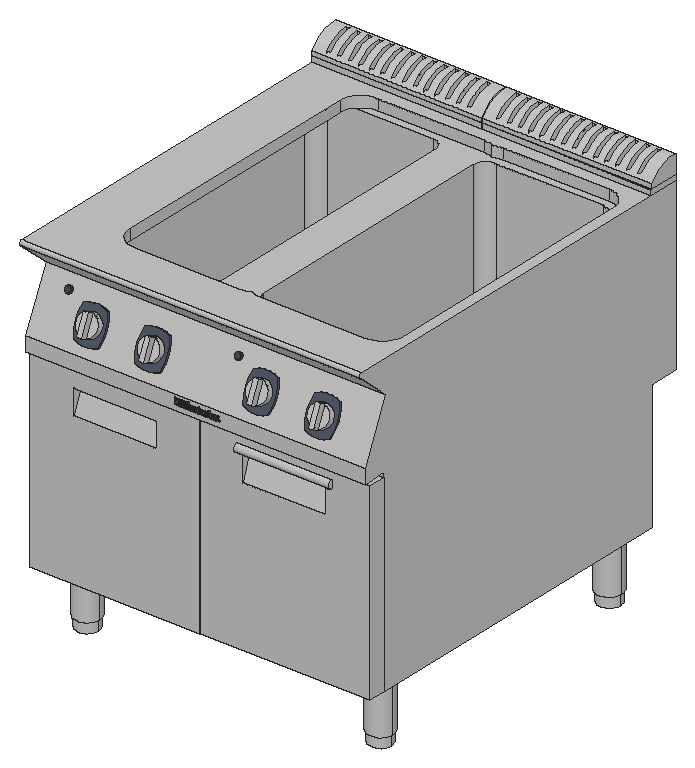
Revit family "QF_ELECTROLUXPROFESSIONAL_391411_E9OODSBAME", category Specialty Equipment, Revit 2018
Family settings
  Round Connector Dimension = Use Diameter
  Part Type = Normal
  Work Plane-Based = No
  Always vertical = Yes
  Cut with Voids When Loaded = No
  Shared = No
  Room Calculation Point = No
Parameters (values of type "Standard")
  Weight = 115.00 kg
  Watts = 0 W
  Volts = 0 V
  URL Manufacturer = "http://professional.electrolux.com"
  URL = "http://professional.electrolux.com"
  Steam Supply Size = 0"
  Steam Supply Minimum Pressure = 0.00 psi
  Steam Supply Maximum Pressure = 0.00 psi
  Steam Pounds per Hour = 0
  Show Logo [instance] = yes
  Show Clearance [instance] = yes
  Refrigeration Suction Line Size = 0 mm
  Refrigeration Liquid Line Size = 0 mm
  Refrigerant Compressor Remote = yes
  Phase = 0
  Model = "E9OODSBAME"
  Manufacturer = "Electrolux Professional"
  Length Actual = 800 mm  # constant formula
  Item Number = "391411"
  Hot Water Size = 0"
  Height Actual = 850 mm  # constant formula
  HP = "0 HP"
  Gas Size = 1/2"
  Gas KW = 33
  Gas Input Pressure = 1.10632 Btu/h
  Direct Waste Size = 1"
  Description = "GAS PASTA COOKER 2X40 LT WELLS (AUS)"
  Depth Actual = 930 mm  # constant formula
  Cycle = 0 Hz
  Condensate Return Size = 0"
  Compressed Air Volume = 0 GPM
  Compressed Air Size = 0"
  Compressed Air Pressure = 0.00 psi
  Cold Water Size = 3/4"
  Accessory = yes
Reference planes
  plane 1 "BACK": y = 0
  plane 2: z = 0
  plane 3 "LEFT": x = 0
  plane 4 "RIGHT": x = 800
  plane 5 "FRONT": y = -930
  plane 6 "TOP": z = 908
  plane 7 "Center Y": x = 400
  plane 8 "Center X": y = -465
  plane 9 "BASE": z = 601.763
  plane 10 "TOP A": z = 851
  plane 11: z = 150
  plane 12: y = -126
  plane 13: y = -800
  plane 14: y = -1288
  plane 15: x = 755
  plane 16: x = 232
  plane 17: x = 65
  plane 18: x = 737
  plane 19: x = 633
  plane 20: x = 55
  plane 21: x = 745
Forms (mm)
  Extrusion 1, solid, material "QF_Finishes_Stainless Steel"
    sketch origin (0, 0, 0) x (0, 1, 0) y (0, 0, 1)
      loop
        line (0, 851) -> (-923.65, 851)
        arc (-923.65, 851) -> (-929.517, 847.08) -> (-928.14, 840.16) r 6.35
        line (-928.14, 840.16) -> (-852.034, 773.495) -> (-912.145, 642.892) -> (-912.145, 608.853) -> (-858.773, 614.463) -> (-858.773, 150) -> (-70, 150) -> (-70, 451.763) -> (0, 451.763) -> (0, 851)
      loop
        line (-900, 601.763) -> (-900, 150) -> (-860.361, 150) -> (-860.361, 601.763) -> (-900, 601.763)
    from 0 to 800
  Extrusion 2, solid, material "QF_Clearances", visible <- "Show Clearance", detail levels coarse
    sketch origin (0, 0, 0) x (1, 0, 0) y (0, 1, 0)
      loop
        line (0, -930) -> (0, 0) -> (800, 0) -> (800, -930) -> (950.019, -930) -> (950.019, 150.019) -> (-150.019, 150.019) -> (-150.019, -930) -> (0, -930)
    from 0 to 908
  Extrusion 3, solid, material "QF_Door-Drawer Clearances", visible <- "Show Clearance", detail levels coarse
    sketch origin (400, 0, 851) x (1, 0, 0) y (0, 1, 0)
      loop
        arc (-400, -1288) -> (-124.279, -1172.327) -> (-0.826, -900) r 409.234
        line (-0.826, -900) -> (-400, -900) -> (-400, -1288)
    from -701 to -249.237
  Extrusion 4, solid, material "QF_Door-Drawer Clearances", visible <- "Show Clearance", detail levels coarse
    sketch origin (400, 0, 851) x (-1, 0, 0) y (0, -1, 0)
      loop
        line (-400, 1288) -> (-400, 900) -> (-0.826, 900)
        arc (-0.826, 900) -> (-124.279, 1172.327) -> (-400, 1288) r 409.234
    from -701 to -249.237
  Extrusion 5, solid, material "QF_Finishes_Navy Blue", visible <- "Show Logo"
    sketch origin (201.175, -912.145, 608.853) x (0, 0, 1) y (-1, 0, 0)
      loop
        line (27.359, -159.055) -> (14.993, -159.055)
        arc (14.993, -159.055) -> (21.176, -163.626) -> (27.359, -159.055) r 6.467
      loop
        arc (27.359, -158.426) -> (26.19, -153.283) -> (21.534, -150.805) r 6.338
        line (21.534, -150.805) -> (21.534, -152.851)
        arc (21.534, -152.851) -> (23.018, -156.506) -> (26.464, -158.426) r 5.941
        line (26.464, -158.426) -> (27.359, -158.426)
      loop
        arc (15.888, -158.426) -> (19.334, -156.506) -> (20.817, -152.851) r 5.941
        line (20.817, -152.851) -> (20.817, -150.805)
        arc (20.817, -150.805) -> (16.123, -153.279) -> (14.834, -158.426) r 6.504
        line (14.834, -158.426) -> (15.888, -158.426)
      loop
        line (28.034, -150.336) -> (14.29, -150.336) -> (14.29, -164.099) -> (28.034, -164.099) -> (28.034, -150.336)
      loop
        arc (28.118, -167.066) -> (27.77, -166.709) -> (27.403, -167.047) r 0.358
        arc (27.403, -167.047) -> (27.089, -167.797) -> (26.372, -168.182) r 1.216
        line (26.372, -168.182) -> (15.959, -168.182)
        arc (15.959, -168.182) -> (15.299, -167.904) -> (14.903, -167.308) r 1.238
        arc (14.903, -167.308) -> (14.509, -167.057) -> (14.203, -167.411) r 0.358
        line (14.203, -167.411) -> (14.203, -177.29) -> (16.954, -177.29) -> (16.954, -176.393)
        arc (16.954, -176.393) -> (16.045, -175.813) -> (15.589, -174.836) r 1.928
        line (15.589, -174.836) -> (15.589, -172.337)
        arc (15.589, -172.337) -> (15.865, -171.608) -> (16.553, -171.244) r 1.101
        line (16.553, -171.244) -> (20.64, -171.244) -> (20.64, -174.917)
        arc (20.64, -174.917) -> (20.287, -175.414) -> (19.722, -175.642) r 1.083
        arc (19.722, -175.642) -> (19.459, -175.948) -> (19.751, -176.226) r 0.292
        line (19.751, -176.226) -> (22.713, -176.226)
        arc (22.713, -176.226) -> (23.016, -175.953) -> (22.777, -175.623) r 0.305
        arc (22.777, -175.623) -> (22.286, -175.375) -> (21.981, -174.917) r 1.083
        line (21.981, -174.917) -> (21.981, -171.244) -> (26.659, -171.244) -> (26.659, -174.991)
        arc (26.659, -174.991) -> (26.444, -175.747) -> (25.838, -176.245) r 1.314
        arc (25.838, -176.245) -> (25.619, -176.649) -> (25.973, -176.941) r 0.361
        line (25.973, -176.941) -> (28.118, -176.941) -> (28.118, -167.066)
      loop
        arc (27.4, -177.722) -> (27.02, -178.641) -> (26.101, -179.021) r 1.299
        line (26.101, -179.021) -> (16.522, -179.021)
        arc (16.522, -179.021) -> (15.684, -178.643) -> (15.413, -177.765) r 1.118
        line (15.413, -177.765) -> (14.203, -177.765) -> (14.203, -183.115) -> (15.391, -183.115)
        arc (15.391, -183.115) -> (15.663, -182.198) -> (16.533, -181.802) r 1.153
        line (16.533, -181.802) -> (28.605, -181.802) -> (27.4, -177.722)
      loop
        line (19.168, -185.751) -> (19.168, -192.198) -> (19.967, -192.198)
        arc (19.967, -192.198) -> (22.547, -191.214) -> (23.816, -188.76) r 3.874
        line (23.816, -188.76) -> (23.816, -187)
        arc (23.816, -187) -> (22.629, -184.135) -> (19.765, -182.949) r 4.051
        line (19.765, -182.949) -> (17.757, -182.949)
        arc (17.757, -182.949) -> (14.938, -184.434) -> (13.887, -187.441) r 4.352
        arc (13.887, -187.441) -> (14.251, -189.904) -> (15.629, -191.978) r 5.713
        line (15.629, -191.978) -> (16.578, -191.978)
        arc (16.578, -191.978) -> (15.845, -190.409) -> (15.629, -188.691) r 5.579
        arc (15.629, -188.691) -> (16.422, -186.728) -> (18.301, -185.751) r 3.057
        line (18.301, -185.751) -> (19.168, -185.751)
      loop
        line (20.427, -185.751) -> (20.427, -189.333)
        arc (20.427, -189.333) -> (21.884, -189.38) -> (22.767, -188.221) r 1.59
        line (22.767, -188.221) -> (22.767, -187.391)
        arc (22.767, -187.391) -> (21.902, -186.136) -> (20.427, -185.751) r 2.184
      loop
        arc (23.218, -201.616) -> (23.707, -199.942) -> (23.864, -198.205) r 9.023
        line (23.864, -198.205) -> (23.864, -196.843)
        arc (23.864, -196.843) -> (22.705, -194.043) -> (19.905, -192.883) r 3.959
        line (19.905, -192.883) -> (17.305, -192.883)
        arc (17.305, -192.883) -> (15.023, -194.176) -> (13.906, -196.549) r 4.331
        line (13.906, -196.549) -> (13.906, -198.684)
        arc (13.906, -198.684) -> (14.414, -200.234) -> (15.336, -201.58) r 5.772
        arc (15.336, -201.58) -> (16.098, -201.631) -> (16.184, -200.872) r 0.553
        arc (16.184, -200.872) -> (15.796, -200.138) -> (15.662, -199.319) r 2.573
        line (15.662, -199.319) -> (15.662, -197.804)
        arc (15.662, -197.804) -> (16.668, -196.162) -> (18.483, -195.52) r 2.884
        line (18.483, -195.52) -> (19.762, -195.52)
        arc (19.762, -195.52) -> (21.583, -196.08) -> (22.509, -197.745) r 2.554
        line (22.509, -197.745) -> (22.509, -198.798)
        arc (22.509, -198.798) -> (22.178, -199.726) -> (21.521, -200.461) r 2.564
        arc (21.521, -200.461) -> (21.299, -201.178) -> (21.909, -201.616) r 0.643
        line (21.909, -201.616) -> (23.218, -201.616)
      loop
        line (22.2, -201.886) -> (22.2, -203.387) -> (16.152, -203.387)
        arc (16.152, -203.387) -> (14.564, -204.045) -> (13.906, -205.633) r 2.246
        line (13.906, -205.633) -> (13.906, -207.217)
        arc (13.906, -207.217) -> (14.22, -208.081) -> (14.72, -208.853) r 4.06
        arc (14.72, -208.853) -> (15.453, -208.986) -> (15.704, -208.285) r 0.576
        arc (15.704, -208.285) -> (15.598, -207.759) -> (15.662, -207.227) r 1.69
        arc (15.662, -207.227) -> (16.204, -206.439) -> (17.11, -206.136) r 1.506
        line (17.11, -206.136) -> (22.248, -206.136) -> (22.248, -208.533) -> (22.805, -209.089) -> (23.626, -209.089) -> (23.626, -206.23) -> (26.857, -206.23) -> (22.2, -201.886)
      loop
        line (14.124, -209.987) -> (14.124, -215.374) -> (15.234, -215.374)
        arc (15.234, -215.374) -> (15.627, -214.423) -> (16.578, -214.029) r 1.345
        line (16.578, -214.029) -> (20.195, -214.029)
        arc (20.195, -214.029) -> (20.959, -214.621) -> (21.249, -215.543) r 1.615
        line (21.249, -215.543) -> (21.249, -217.099) -> (23.805, -217.784) -> (23.805, -216.401) -> (21.862, -213.842) -> (23.742, -213.842) -> (23.458, -211.136)
        arc (23.458, -211.136) -> (23.018, -210.606) -> (22.359, -210.807) r 0.621
        arc (22.359, -210.807) -> (21.959, -211.149) -> (21.465, -211.332) r 1.501
        line (21.465, -211.332) -> (16.578, -211.332)
        arc (16.578, -211.332) -> (15.627, -210.938) -> (15.234, -209.987) r 1.345
        line (15.234, -209.987) -> (14.124, -209.987)
      loop
        line (20.225, -217.321) -> (17.533, -217.321)
        arc (17.533, -217.321) -> (15.088, -218.629) -> (13.954, -221.159) r 4.288
        arc (13.954, -221.159) -> (13.89, -222.54) -> (13.954, -223.92) r 15.022
        arc (13.954, -223.92) -> (15.088, -226.451) -> (17.533, -227.758) r 4.288
        line (17.533, -227.758) -> (20.225, -227.758)
        arc (20.225, -227.758) -> (22.671, -226.451) -> (23.805, -223.92) r 4.288
        arc (23.805, -223.92) -> (23.868, -222.54) -> (23.805, -221.159) r 15.022
        arc (23.805, -221.159) -> (22.671, -218.629) -> (20.225, -217.321) r 4.288
      loop
        line (20.43, -220.435) -> (17.328, -220.435)
        arc (17.328, -220.435) -> (15.171, -222.592) -> (17.328, -224.749) r 2.157
        line (17.328, -224.749) -> (20.43, -224.749)
        arc (20.43, -224.749) -> (22.587, -222.592) -> (20.43, -220.435) r 2.157
      loop
        arc (27.411, -227.616) -> (27.041, -228.51) -> (26.147, -228.881) r 1.264
        line (26.147, -228.881) -> (16.282, -228.881)
        arc (16.282, -228.881) -> (15.412, -228.484) -> (15.141, -227.568) r 1.153
        line (15.141, -227.568) -> (14.203, -227.568) -> (14.203, -232.676) -> (15.131, -232.676)
        arc (15.131, -232.676) -> (15.49, -231.904) -> (16.282, -231.589) r 1.153
        line (16.282, -231.589) -> (28.605, -231.589) -> (27.411, -227.616)
      loop
        arc (22.531, -232.213) -> (22.332, -233.278) -> (21.363, -233.76) r 1.215
        line (21.363, -233.76) -> (16.343, -233.76)
        arc (16.343, -233.76) -> (14.728, -234.407) -> (14.008, -235.99) r 2.338
        line (14.008, -235.99) -> (14.008, -237.505)
        arc (14.008, -237.505) -> (14.182, -238.509) -> (14.684, -239.395) r 2.979
        line (14.684, -239.395) -> (14.203, -241.192) -> (14.203, -242.88) -> (23.629, -242.88) -> (23.335, -238.677) -> (22.548, -238.677)
        arc (22.548, -238.677) -> (22.192, -239.513) -> (21.44, -240.022) r 1.605
        line (21.44, -240.022) -> (16.337, -240.022)
        arc (16.337, -240.022) -> (15.917, -239.085) -> (15.844, -238.061) r 2.94
        arc (15.844, -238.061) -> (16.405, -236.96) -> (17.558, -236.517) r 1.724
        line (17.558, -236.517) -> (23.755, -236.517) -> (22.531, -232.213)
      loop
        line (23.559, -243.734) -> (21.887, -245.78) -> (18.713, -248.086) -> (15.257, -244.974)
        arc (15.257, -244.974) -> (15.02, -244.58) -> (15.042, -244.121) r 0.789
        line (15.042, -244.121) -> (14.203, -244.121) -> (14.203, -247.666) -> (15.029, -247.666)
        arc (15.029, -247.666) -> (15.372, -247.304) -> (15.862, -247.396) r 0.52
        line (15.862, -247.396) -> (17.661, -248.867) -> (15.543, -250.242)
        arc (15.543, -250.242) -> (15.142, -249.932) -> (15.055, -249.433) r 0.7
        line (15.055, -249.433) -> (14.203, -249.433) -> (14.203, -255.36) -> (15.09, -255.36)
        arc (15.09, -255.36) -> (15.157, -254.701) -> (15.552, -254.17) r 1.247
        line (15.552, -254.17) -> (19.751, -250.889) -> (22.198, -252.942) -> (23.559, -254.684) -> (23.559, -250.96) -> (22.074, -251.383) -> (20.553, -250.106) -> (22.253, -248.916) -> (23.559, -249.692) -> (23.559, -243.734)
    from 0 to 1.644
  Extrusion 6, solid, material "QF_Finishes_Stainless Steel"
    sketch origin (200, 0, 0) x (0, 1, 0) y (0, 0, 1)
      loop
        line (-71.89, 863.9) -> (-71.89, 851) -> (0, 851) -> (0, 863.9) -> (-71.89, 863.9)
    from -200 to 200
  Extrusion 7, solid, material "QF_Finishes_Stainless Steel"
    sketch origin (0, 0, 574.263) x (0, 1, 0) y (0, 0, 1)
      loop
        line (0, 289.638) -> (0, 333.737)
        arc (0, 333.737) -> (-39.336, 326.03) -> (-69.85, 300.038) r 79.141
        line (-69.85, 300.038) -> (-69.85, 289.638) -> (0, 289.638)
    from 0 to 400
  Extrusion 8, void
    sketch origin (0, 0, 848.9) x (0, -1, 0) y (1, 0, 0)
      loop
        line (6.761, 29.703) -> (63.911, 29.703) -> (63.911, 38.999) -> (6.761, 38.999) -> (6.761, 29.703)
      loop
        line (63.911, 64.487) -> (6.761, 64.487) -> (6.761, 55.191) -> (63.911, 55.191) -> (63.911, 64.487)
      loop
        line (63.911, 89.975) -> (6.761, 89.975) -> (6.761, 80.68) -> (63.911, 80.68) -> (63.911, 89.975)
      loop
        line (63.911, 115.464) -> (6.761, 115.464) -> (6.761, 106.168) -> (63.911, 106.168) -> (63.911, 115.464)
      loop
        line (63.911, 140.952) -> (6.761, 140.952) -> (6.761, 131.656) -> (63.911, 131.656) -> (63.911, 140.952)
      loop
        line (63.911, 166.44) -> (6.761, 166.44) -> (6.761, 157.145) -> (63.911, 157.145) -> (63.911, 166.44)
      loop
        line (63.911, 191.929) -> (6.761, 191.929) -> (6.761, 182.633) -> (63.911, 182.633) -> (63.911, 191.929)
      loop
        line (63.911, 217.417) -> (6.761, 217.417) -> (6.761, 208.121) -> (63.911, 208.121) -> (63.911, 217.417)
      loop
        line (63.911, 242.905) -> (6.761, 242.905) -> (6.761, 233.61) -> (63.911, 233.61) -> (63.911, 242.905)
      loop
        line (63.911, 268.394) -> (6.761, 268.394) -> (6.761, 259.098) -> (63.911, 259.098) -> (63.911, 268.394)
      loop
        line (63.911, 293.882) -> (6.761, 293.882) -> (6.761, 284.586) -> (63.911, 284.586) -> (63.911, 293.882)
      loop
        line (63.911, 319.37) -> (6.761, 319.37) -> (6.761, 310.075) -> (63.911, 310.075) -> (63.911, 319.37)
      loop
        line (63.911, 344.859) -> (6.761, 344.859) -> (6.761, 335.563) -> (63.911, 335.563) -> (63.911, 344.859)
      loop
        line (63.911, 370.347) -> (6.761, 370.347) -> (6.761, 361.051) -> (63.911, 361.051) -> (63.911, 370.347)
    from 25.4 to 63.5
  Extrusion 9, solid, material "QF_Finishes_Stainless Steel"
    sketch origin (600, 0, 0) x (0, 1, 0) y (0, 0, -1)
      loop
        line (-71.89, -863.9) -> (0, -863.9) -> (0, -851) -> (-71.89, -851) -> (-71.89, -863.9)
    from -200 to 200
  Extrusion 10, solid, material "QF_Finishes_Stainless Steel"
    sketch origin (800, 0, 574.263) x (0, 1, 0) y (0, 0, -1)
      loop
        line (0, -289.638) -> (-69.85, -289.638) -> (-69.85, -300.038)
        arc (-69.85, -300.038) -> (-39.336, -326.03) -> (0, -333.737) r 79.141
        line (0, -333.737) -> (0, -289.638)
    from 0 to 400
  Extrusion 11, void
    sketch origin (800, 0, 848.9) x (0, -1, 0) y (1, 0, 0)
      loop
        line (6.761, -29.703) -> (6.761, -38.999) -> (63.911, -38.999) -> (63.911, -29.703) -> (6.761, -29.703)
      loop
        line (63.911, -64.487) -> (63.911, -55.191) -> (6.761, -55.191) -> (6.761, -64.487) -> (63.911, -64.487)
      loop
        line (63.911, -89.975) -> (63.911, -80.68) -> (6.761, -80.68) -> (6.761, -89.975) -> (63.911, -89.975)
      loop
        line (63.911, -115.464) -> (63.911, -106.168) -> (6.761, -106.168) -> (6.761, -115.464) -> (63.911, -115.464)
      loop
        line (63.911, -140.952) -> (63.911, -131.656) -> (6.761, -131.656) -> (6.761, -140.952) -> (63.911, -140.952)
      loop
        line (63.911, -166.44) -> (63.911, -157.145) -> (6.761, -157.145) -> (6.761, -166.44) -> (63.911, -166.44)
      loop
        line (63.911, -191.929) -> (63.911, -182.633) -> (6.761, -182.633) -> (6.761, -191.929) -> (63.911, -191.929)
      loop
        line (63.911, -217.417) -> (63.911, -208.121) -> (6.761, -208.121) -> (6.761, -217.417) -> (63.911, -217.417)
      loop
        line (63.911, -242.905) -> (63.911, -233.61) -> (6.761, -233.61) -> (6.761, -242.905) -> (63.911, -242.905)
      loop
        line (63.911, -268.394) -> (63.911, -259.098) -> (6.761, -259.098) -> (6.761, -268.394) -> (63.911, -268.394)
      loop
        line (63.911, -293.882) -> (63.911, -284.586) -> (6.761, -284.586) -> (6.761, -293.882) -> (63.911, -293.882)
      loop
        line (63.911, -319.37) -> (63.911, -310.075) -> (6.761, -310.075) -> (6.761, -319.37) -> (63.911, -319.37)
      loop
        line (63.911, -344.859) -> (63.911, -335.563) -> (6.761, -335.563) -> (6.761, -344.859) -> (63.911, -344.859)
      loop
        line (63.911, -370.347) -> (63.911, -361.051) -> (6.761, -361.051) -> (6.761, -370.347) -> (63.911, -370.347)
    from 25.4 to 63.5
  Extrusion 12, void
    sketch origin (0, -900, 601.763) x (0, 0, -1) y (1, 0, 0)
      loop
        line (451.762, 400.912) -> (0, 400.912) -> (0, 399.088) -> (451.762, 399.088) -> (451.762, 400.912)
    from 0 to -39.639
  Extrusion 13, void
    sketch origin (200, -14.239, 0) x (0, 1, 0) y (0, 0, 1)
      loop
        line (-885.761, 564.263) -> (-885.761, 504.332) -> (-863.948, 564.263) -> (-885.761, 564.263)
    from -96.424 to 99.144
  Extrusion 14, void
    sketch origin (600, -14.239, 0) x (0, 1, 0) y (0, 0, -1)
      loop
        line (-885.761, -564.263) -> (-863.948, -564.263) -> (-885.761, -504.332) -> (-885.761, -564.263)
    from -96.424 to 99.144
  Extrusion 15, solid, material "QF_Finishes_Stainless Steel"
    sketch origin (600, -14.239, 22.5) x (0, 1, 0) y (0, 0, -1)
      loop
        arc (-885.761, -541.858) -> (-895.666, -551.763) -> (-885.761, -561.667) r 9.905
        line (-885.761, -561.667) -> (-885.761, -541.858)
    from -110.529 to 112.106
  Extrusion 16, void
    sketch origin (0, 0, 791) x (1, 0, 0) y (0, 1, 0)
      loop
        line (75, -800) -> (325, -800)
        arc (325, -800) -> (346.213, -791.213) -> (355, -770) r 30
        line (355, -770) -> (355, -606.643)
        arc (355, -606.643) -> (346.213, -627.856) -> (325, -636.643) r 30
        line (325, -636.643) -> (75, -636.643)
        arc (75, -636.643) -> (53.787, -627.856) -> (45, -606.643) r 30
        line (45, -606.643) -> (45, -770)
        arc (45, -770) -> (53.787, -791.213) -> (75, -800) r 30
    from 35 to -189.237
  Extrusion 17, void
    sketch origin (0, 0, 791) x (0, 1, 0) y (-1, 0, 0)
      loop
        arc (-121.89, -75) -> (-130.677, -53.787) -> (-151.89, -45) r 30
        line (-151.89, -45) -> (-606.643, -45)
        arc (-606.643, -45) -> (-627.856, -53.787) -> (-636.643, -75) r 30
        line (-636.643, -75) -> (-636.643, -325)
        arc (-636.643, -325) -> (-627.856, -346.213) -> (-606.643, -355) r 30
        line (-606.643, -355) -> (-151.89, -355)
        arc (-151.89, -355) -> (-130.677, -346.213) -> (-121.89, -325) r 30
        line (-121.89, -325) -> (-121.89, -75)
    from 35 to -339.237
  Extrusion 18, void
    sketch origin (800, 0, 851) x (1, 0, 0) y (0, 1, 0)
      loop
        line (-75, -101.89) -> (-325, -101.89)
        arc (-325, -101.89) -> (-360.355, -116.535) -> (-375, -151.89) r 50
        line (-375, -151.89) -> (-375, -770)
        arc (-375, -770) -> (-360.355, -805.355) -> (-325, -820) r 50
        line (-325, -820) -> (-75, -820)
        arc (-75, -820) -> (-39.645, -805.355) -> (-25, -770) r 50
        line (-25, -770) -> (-25, -151.89)
        arc (-25, -151.89) -> (-39.645, -116.535) -> (-75, -101.89) r 50
    from 0 to -25
  Extrusion 19, void
    sketch origin (800, 0, 791) x (-1, 0, 0) y (0, -1, 0)
      loop
        arc (75, 800) -> (53.787, 791.213) -> (45, 770) r 30
        line (45, 770) -> (45, 606.643)
        arc (45, 606.643) -> (53.787, 627.856) -> (75, 636.643) r 30
        line (75, 636.643) -> (325, 636.643)
        arc (325, 636.643) -> (346.213, 627.856) -> (355, 606.643) r 30
        line (355, 606.643) -> (355, 770)
        arc (355, 770) -> (346.213, 791.213) -> (325, 800) r 30
        line (325, 800) -> (75, 800)
    from 35 to -189.237
  Extrusion 20, void
    sketch origin (800, 0, 791) x (0, -1, 0) y (1, 0, 0)
      loop
        line (121.89, -75) -> (121.89, -325)
        arc (121.89, -325) -> (130.677, -346.213) -> (151.89, -355) r 30
        line (151.89, -355) -> (606.643, -355)
        arc (606.643, -355) -> (627.856, -346.213) -> (636.643, -325) r 30
        line (636.643, -325) -> (636.643, -75)
        arc (636.643, -75) -> (627.856, -53.787) -> (606.643, -45) r 30
        line (606.643, -45) -> (151.89, -45)
        arc (151.89, -45) -> (130.677, -53.787) -> (121.89, -75) r 30
    from 35 to -339.237
  Extrusion 21, solid, material "QF_Finishes_Navy Blue"
    sketch origin (-405.52, -913.486, 639.979) x (0, 0.418102, 0.9084) y (-1, 0, 0)
      loop
        arc (102.623, -510.47) -> (67.041, -502.846) -> (31.333, -509.853) r 90.5
        arc (31.333, -509.853) -> (24.507, -539.04) -> (31.333, -568.228) r 65.817
        arc (31.333, -568.228) -> (67.04, -575.188) -> (102.623, -567.615) r 91.066
        arc (102.623, -567.615) -> (109.179, -539.043) -> (102.623, -510.47) r 65.546
    from 0 to 3.175
  Extrusion 22, solid, material "QF_Finishes_Stainless Steel"
    sketch origin (-26.77, -917.2, 639.505) x (0, 0.418102, 0.9084) y (-1, 0, 0)
      loop
        circle (68.826, -160.963) r 25.4
    from 0 to 12.7
  Extrusion 23, solid, material "QF_Finishes_Stainless Steel"
    sketch origin (-26.77, -928.736, 644.814) x (0, 0.418102, 0.9084) y (-1, 0, 0)
      loop
        arc (93.558, -166.749) -> (94.226, -160.963) -> (93.558, -155.177) r 25.4
        line (93.558, -155.177) -> (44.094, -155.177)
        arc (44.094, -155.177) -> (43.426, -160.963) -> (44.094, -166.749) r 25.4
        line (44.094, -166.749) -> (93.558, -166.749)
    from 0 to 12.7
  Extrusion 24, solid, material "QF_Finishes_Navy Blue"
    sketch origin (-260.52, -913.486, 639.979) x (0, 0.418102, 0.9084) y (-1, 0, 0)
      loop
        arc (102.623, -510.47) -> (67.041, -502.846) -> (31.333, -509.853) r 90.5
        arc (31.333, -509.853) -> (24.507, -539.04) -> (31.333, -568.228) r 65.817
        arc (31.333, -568.228) -> (67.04, -575.188) -> (102.623, -567.615) r 91.066
        arc (102.623, -567.615) -> (109.179, -539.043) -> (102.623, -510.47) r 65.546
    from 0 to 3.175
  Extrusion 25, solid, material "QF_Finishes_Stainless Steel"
    sketch origin (118.23, -917.2, 639.505) x (0, 0.418102, 0.9084) y (-1, 0, 0)
      loop
        circle (68.826, -160.963) r 25.4
    from 0 to 12.7
  Extrusion 26, solid, material "QF_Finishes_Stainless Steel"
    sketch origin (118.23, -928.736, 644.814) x (0, 0.418102, 0.9084) y (-1, 0, 0)
      loop
        arc (93.558, -166.749) -> (94.226, -160.963) -> (93.558, -155.177) r 25.4
        line (93.558, -155.177) -> (44.094, -155.177)
        arc (44.094, -155.177) -> (43.426, -160.963) -> (44.094, -166.749) r 25.4
        line (44.094, -166.749) -> (93.558, -166.749)
    from 0 to 12.7
  Extrusion 27, solid, material "QF_Finishes_Black"
    sketch origin (-36.317, -915, 636.69) x (0, 0.418102, 0.9084) y (-1, 0, 0)
      loop
        circle (117.556, -101.317) r 7.5
    from 0 to 4
  Extrusion 28, solid, material "QF_Finishes_Navy Blue"
    sketch origin (-5.52, -913.486, 639.979) x (0, 0.418102, 0.9084) y (-1, 0, 0)
      loop
        arc (102.623, -510.47) -> (67.041, -502.846) -> (31.333, -509.853) r 90.5
        arc (31.333, -509.853) -> (24.507, -539.04) -> (31.333, -568.228) r 65.817
        arc (31.333, -568.228) -> (67.04, -575.188) -> (102.623, -567.615) r 91.066
        arc (102.623, -567.615) -> (109.179, -539.043) -> (102.623, -510.47) r 65.546
    from 0 to 3.175
  Extrusion 29, solid, material "QF_Finishes_Stainless Steel"
    sketch origin (373.23, -917.2, 639.505) x (0, 0.418102, 0.9084) y (-1, 0, 0)
      loop
        circle (68.826, -160.963) r 25.4
    from 0 to 12.7
  Extrusion 30, solid, material "QF_Finishes_Stainless Steel"
    sketch origin (373.23, -928.736, 644.814) x (0, 0.418102, 0.9084) y (-1, 0, 0)
      loop
        arc (93.558, -166.749) -> (94.226, -160.963) -> (93.558, -155.177) r 25.4
        line (93.558, -155.177) -> (44.094, -155.177)
        arc (44.094, -155.177) -> (43.426, -160.963) -> (44.094, -166.749) r 25.4
        line (44.094, -166.749) -> (93.558, -166.749)
    from 0 to 12.7
  Extrusion 31, solid, material "QF_Finishes_Navy Blue"
    sketch origin (139.48, -913.486, 639.979) x (0, 0.418102, 0.9084) y (-1, 0, 0)
      loop
        arc (102.623, -510.47) -> (67.041, -502.846) -> (31.333, -509.853) r 90.5
        arc (31.333, -509.853) -> (24.507, -539.04) -> (31.333, -568.228) r 65.817
        arc (31.333, -568.228) -> (67.04, -575.188) -> (102.623, -567.615) r 91.066
        arc (102.623, -567.615) -> (109.179, -539.043) -> (102.623, -510.47) r 65.546
    from 0 to 3.175
  Extrusion 32, solid, material "QF_Finishes_Stainless Steel"
    sketch origin (518.23, -917.2, 639.505) x (0, 0.418102, 0.9084) y (-1, 0, 0)
      loop
        circle (68.826, -160.963) r 25.4
    from 0 to 12.7
  Extrusion 33, solid, material "QF_Finishes_Stainless Steel"
    sketch origin (518.23, -928.736, 644.814) x (0, 0.418102, 0.9084) y (-1, 0, 0)
      loop
        arc (93.558, -166.749) -> (94.226, -160.963) -> (93.558, -155.177) r 25.4
        line (93.558, -155.177) -> (44.094, -155.177)
        arc (44.094, -155.177) -> (43.426, -160.963) -> (44.094, -166.749) r 25.4
        line (44.094, -166.749) -> (93.558, -166.749)
    from 0 to 12.7
  Extrusion 34, solid, material "QF_Finishes_Black"
    sketch origin (363.683, -915, 636.69) x (0, 0.418102, 0.9084) y (-1, 0, 0)
      loop
        circle (117.556, -101.317) r 7.5
    from 0 to 4
  Extrusion 35, solid, material "QF_Finishes_Stainless Steel"
    sketch origin (0, 0, 0) x (1, 0, 0) y (0, 1, 0)
      loop
        circle (232, -780) r 12.7
    from 176 to 292.788
  Extrusion 36, solid, material "QF_Finishes_Stainless Steel"
    sketch origin (-72.372, 89.372, 0) x (1, 0, 0) y (0, 1, 0)
      loop
        circle (137.372, -792.372) r 6.35
    from 190 to 292.788
  Extrusion 37, solid, material "QF_Finishes_Stainless Steel"
    sketch origin (552.628, 92.372, 0) x (1, 0, 0) y (0, 1, 0)
      loop
        circle (184.372, -792.372) r 9.525
    from 200 to 331.575
  Extrusion 38, solid, material "QF_Finishes_Stainless Steel"
    sketch origin (800, 0, 0) x (-1, 0, 0) y (0, -1, 0)
      loop
        circle (167, 780) r 12.7
    from 176 to 292.788
  Extrusion 39, void
    sketch origin (105, 0, 851) x (-1, 0, 0) y (0, -1, 0)
      loop
        arc (-75, 101.89) -> (-39.645, 116.535) -> (-25, 151.89) r 50
        line (-25, 151.89) -> (-25, 770)
        arc (-25, 770) -> (-39.645, 805.355) -> (-75, 820) r 50
        line (-75, 820) -> (-325, 820)
        arc (-325, 820) -> (-360.355, 805.355) -> (-375, 770) r 50
        line (-375, 770) -> (-375, 151.89)
        arc (-375, 151.89) -> (-360.355, 116.535) -> (-325, 101.89) r 50
        line (-325, 101.89) -> (-75, 101.89)
    from 0 to -25
  Revolve 40, solid, material "QF_Finishes_Stainless Steel"
    sketch origin (-1, -126, 608.09) x (0, 0, 1) y (-1, 0, 0)
      loop
        line (-608.09, -56) -> (-458.09, -56) -> (-458.09, -26) -> (-583.09, -26) -> (-583.09, -29.75) -> (-608.09, -29.75) -> (-608.09, -56)
      axis (-608.09, -56) -> (-458.09, -56)
    angle from 0 to 360
  Revolve 41, solid, material "QF_Finishes_Stainless Steel"
    sketch origin (-1, -800, 608.09) x (0, 0, 1) y (1, 0, 0)
      loop
        line (-608.09, 56) -> (-608.09, 29.75) -> (-583.09, 29.75) -> (-583.09, 26) -> (-458.09, 26) -> (-458.09, 56) -> (-608.09, 56)
      axis (-608.09, 56) -> (-458.09, 56)
    angle from 0 to 360
  Revolve 42, solid, material "QF_Finishes_Stainless Steel"
    sketch origin (801, -126, 608.09) x (0, 0, 1) y (-1, 0, 0)
      loop
        line (-608.09, 56) -> (-608.09, 29.75) -> (-583.09, 29.75) -> (-583.09, 26) -> (-458.09, 26) -> (-458.09, 56) -> (-608.09, 56)
      axis (-608.09, 56) -> (-458.09, 56)
    angle from 0 to 360
  Revolve 43, solid, material "QF_Finishes_Stainless Steel"
    sketch origin (801, -800, 608.09) x (0, 0, 1) y (1, 0, 0)
      loop
        line (-608.09, -56) -> (-458.09, -56) -> (-458.09, -26) -> (-583.09, -26) -> (-583.09, -29.75) -> (-608.09, -29.75) -> (-608.09, -56)
      axis (-608.09, -56) -> (-458.09, -56)
    angle from 0 to 360
Cuts and joins
  Extrusion 12, Extrusion 13, Extrusion 14, Extrusion 16, Extrusion 17, Extrusion 18, Extrusion 19, Extrusion 20, Extrusion 39 cuts Extrusion 1
  Extrusion 8, Extrusion 11 cuts Extrusion 7
  Extrusion 11 cuts Extrusion 10
  Extrusion 14 cuts Extrusion 4
Lines and regions (mm)
  Split face 1
    outline origin (-405.52, -916.37, 641.306) x (0, 0.418102, 0.9084) y (-1, 0, 0)
      loop
        arc (67.041, -503.158) -> (48.669, -506.69) -> (35.363, -519.842) r 32.191
        line (35.363, -519.842) -> (45.047, -525.087)
        arc (45.047, -525.087) -> (54.648, -516.737) -> (67.041, -513.859) r 26.351
        line (67.041, -513.859) -> (67.041, -503.158)
  Split face 2
    outline origin (-405.52, -916.37, 641.306) x (0, 0.418102, 0.9084) y (-1, 0, 0)
      loop
        line (44.251, -526.293) -> (34.615, -521.075)
        arc (34.615, -521.075) -> (41.047, -560.592) -> (81.049, -562.261) r 31.684
        arc (81.049, -562.261) -> (48.21, -559.05) -> (44.251, -526.293) r 26.351
  Split face 3
    outline origin (-260.52, -916.37, 641.306) x (0, 0.418102, 0.9084) y (-1, 0, 0)
      loop
        arc (67.041, -503.158) -> (48.669, -506.69) -> (35.363, -519.842) r 32.191
        line (35.363, -519.842) -> (45.047, -525.087)
        arc (45.047, -525.087) -> (54.648, -516.737) -> (67.041, -513.859) r 26.351
        line (67.041, -513.859) -> (67.041, -503.158)
  Split face 4
    outline origin (-260.52, -916.37, 641.306) x (0, 0.418102, 0.9084) y (-1, 0, 0)
      loop
        line (44.251, -526.293) -> (34.615, -521.075)
        arc (34.615, -521.075) -> (41.047, -560.592) -> (81.049, -562.261) r 31.684
        arc (81.049, -562.261) -> (48.21, -559.05) -> (44.251, -526.293) r 26.351
  Split face 5
    outline origin (-5.52, -916.37, 641.306) x (0, 0.418102, 0.9084) y (-1, 0, 0)
      loop
        arc (67.041, -503.158) -> (48.669, -506.69) -> (35.363, -519.842) r 32.191
        line (35.363, -519.842) -> (45.047, -525.087)
        arc (45.047, -525.087) -> (54.648, -516.737) -> (67.041, -513.859) r 26.351
        line (67.041, -513.859) -> (67.041, -503.158)
  Split face 6
    outline origin (-5.52, -916.37, 641.306) x (0, 0.418102, 0.9084) y (-1, 0, 0)
      loop
        line (44.251, -526.293) -> (34.615, -521.075)
        arc (34.615, -521.075) -> (41.047, -560.592) -> (81.049, -562.261) r 31.684
        arc (81.049, -562.261) -> (48.21, -559.05) -> (44.251, -526.293) r 26.351
  Split face 7
    outline origin (139.48, -916.37, 641.306) x (0, 0.418102, 0.9084) y (-1, 0, 0)
      loop
        arc (67.041, -503.158) -> (48.669, -506.69) -> (35.363, -519.842) r 32.191
        line (35.363, -519.842) -> (45.047, -525.087)
        arc (45.047, -525.087) -> (54.648, -516.737) -> (67.041, -513.859) r 26.351
        line (67.041, -513.859) -> (67.041, -503.158)
  Split face 8
    outline origin (139.48, -916.37, 641.306) x (0, 0.418102, 0.9084) y (-1, 0, 0)
      loop
        line (44.251, -526.293) -> (34.615, -521.075)
        arc (34.615, -521.075) -> (41.047, -560.592) -> (81.049, -562.261) r 31.684
        arc (81.049, -562.261) -> (48.21, -559.05) -> (44.251, -526.293) r 26.351
  symbolic lines, style "QF_Clearances", visible <- "Show Clearance", detail levels coarse
    curve 1: line (-150.019, 150.019, 851) -> (-150.019, -931.377, 851)
    curve 2: line (950.019, 150.019, 851) -> (-150.019, 150.019, 851)
    curve 7: line (950.019, 150.019, 851) -> (950.019, -931.377, 851)
  symbolic lines
    curve 3: line (0, -930, 851) -> (0, 0, 851)
    curve 4: line (400, -930, 851) -> (0, -930, 851)
    curve 5: line (0, -71.89, 851) -> (400, -71.89, 851)
    curve 6: line (0, 0, 851) -> (400, 0, 851)
    curve 8: line (800, -930, 851) -> (800, 0, 851)
    curve 9: line (400, -930, 851) -> (800, -930, 851)
    curve 10: line (800, -71.89, 851) -> (400, -71.89, 851)
    curve 11: line (800, 0, 851) -> (400, 0, 851)
    curve 16: line (38.999, -63.911, 851) -> (29.703, -63.911, 851)
    curve 17: line (38.999, -6.761, 851) -> (38.999, -63.911, 851)
    curve 18: line (29.703, -6.761, 851) -> (38.999, -6.761, 851)
    curve 19: line (29.703, -63.911, 851) -> (29.703, -6.761, 851)
    curve 20: line (64.487, -63.911, 851) -> (55.191, -63.911, 851)
    curve 21: line (64.487, -6.761, 851) -> (64.487, -63.911, 851)
    curve 22: line (55.191, -6.761, 851) -> (64.487, -6.761, 851)
    curve 23: line (55.191, -63.911, 851) -> (55.191, -6.761, 851)
    curve 24: line (89.975, -63.911, 851) -> (80.68, -63.911, 851)
    curve 25: line (89.975, -6.761, 851) -> (89.975, -63.911, 851)
    curve 26: line (80.68, -6.761, 851) -> (89.975, -6.761, 851)
    curve 27: line (80.68, -63.911, 851) -> (80.68, -6.761, 851)
    curve 28: line (115.464, -63.911, 851) -> (106.168, -63.911, 851)
    curve 29: line (115.464, -6.761, 851) -> (115.464, -63.911, 851)
    curve 30: line (106.168, -6.761, 851) -> (115.464, -6.761, 851)
    curve 31: line (106.168, -63.911, 851) -> (106.168, -6.761, 851)
    curve 32: line (140.952, -63.911, 851) -> (131.656, -63.911, 851)
    curve 33: line (140.952, -6.761, 851) -> (140.952, -63.911, 851)
    curve 34: line (131.656, -6.761, 851) -> (140.952, -6.761, 851)
    curve 35: line (131.656, -63.911, 851) -> (131.656, -6.761, 851)
    curve 36: line (166.44, -63.911, 851) -> (157.145, -63.911, 851)
    curve 37: line (166.44, -6.761, 851) -> (166.44, -63.911, 851)
    curve 38: line (157.145, -6.761, 851) -> (166.44, -6.761, 851)
    curve 39: line (157.145, -63.911, 851) -> (157.145, -6.761, 851)
    curve 40: line (191.929, -63.911, 851) -> (182.633, -63.911, 851)
    curve 41: line (191.929, -6.761, 851) -> (191.929, -63.911, 851)
    curve 42: line (182.633, -6.761, 851) -> (191.929, -6.761, 851)
    curve 43: line (182.633, -63.911, 851) -> (182.633, -6.761, 851)
    curve 44: line (217.417, -63.911, 851) -> (208.121, -63.911, 851)
    curve 45: line (217.417, -6.761, 851) -> (217.417, -63.911, 851)
    curve 46: line (208.121, -6.761, 851) -> (217.417, -6.761, 851)
    curve 47: line (208.121, -63.911, 851) -> (208.121, -6.761, 851)
    curve 48: line (242.905, -63.911, 851) -> (233.61, -63.911, 851)
    curve 49: line (242.905, -6.761, 851) -> (242.905, -63.911, 851)
    curve 50: line (233.61, -6.761, 851) -> (242.905, -6.761, 851)
    curve 51: line (233.61, -63.911, 851) -> (233.61, -6.761, 851)
    curve 52: line (268.394, -63.911, 851) -> (259.098, -63.911, 851)
    curve 53: line (268.394, -6.761, 851) -> (268.394, -63.911, 851)
    curve 54: line (259.098, -6.761, 851) -> (268.394, -6.761, 851)
    curve 55: line (259.098, -63.911, 851) -> (259.098, -6.761, 851)
    curve 56: line (293.882, -63.911, 851) -> (284.586, -63.911, 851)
    curve 57: line (293.882, -6.761, 851) -> (293.882, -63.911, 851)
    curve 58: line (284.586, -6.761, 851) -> (293.882, -6.761, 851)
    curve 59: line (284.586, -63.911, 851) -> (284.586, -6.761, 851)
    curve 60: line (319.37, -63.911, 851) -> (310.075, -63.911, 851)
    curve 61: line (319.37, -6.761, 851) -> (319.37, -63.911, 851)
    curve 62: line (310.075, -6.761, 851) -> (319.37, -6.761, 851)
    curve 63: line (310.075, -63.911, 851) -> (310.075, -6.761, 851)
    curve 64: line (344.859, -63.911, 851) -> (335.563, -63.911, 851)
    curve 65: line (344.859, -6.761, 851) -> (344.859, -63.911, 851)
    curve 66: line (335.563, -6.761, 851) -> (344.859, -6.761, 851)
    curve 67: line (335.563, -63.911, 851) -> (335.563, -6.761, 851)
    curve 68: line (370.347, -63.911, 851) -> (361.051, -63.911, 851)
    curve 69: line (370.347, -6.761, 851) -> (370.347, -63.911, 851)
    curve 70: line (361.051, -6.761, 851) -> (370.347, -6.761, 851)
    curve 71: line (361.051, -63.911, 851) -> (361.051, -6.761, 851)
    curve 72: line (761.001, -63.911, 851) -> (770.297, -63.911, 851)
    curve 73: line (761.001, -6.761, 851) -> (761.001, -63.911, 851)
    curve 74: line (770.297, -6.761, 851) -> (761.001, -6.761, 851)
    curve 75: line (770.297, -63.911, 851) -> (770.297, -6.761, 851)
    curve 76: line (735.513, -63.911, 851) -> (744.809, -63.911, 851)
    curve 77: line (735.513, -6.761, 851) -> (735.513, -63.911, 851)
    curve 78: line (744.809, -6.761, 851) -> (735.513, -6.761, 851)
    curve 79: line (744.809, -63.911, 851) -> (744.809, -6.761, 851)
    curve 80: line (710.025, -63.911, 851) -> (719.32, -63.911, 851)
    curve 81: line (710.025, -6.761, 851) -> (710.025, -63.911, 851)
    curve 82: line (719.32, -6.761, 851) -> (710.025, -6.761, 851)
    curve 83: line (719.32, -63.911, 851) -> (719.32, -6.761, 851)
    curve 84: line (684.536, -63.911, 851) -> (693.832, -63.911, 851)
    curve 85: line (684.536, -6.761, 851) -> (684.536, -63.911, 851)
    curve 86: line (693.832, -6.761, 851) -> (684.536, -6.761, 851)
    curve 87: line (693.832, -63.911, 851) -> (693.832, -6.761, 851)
    curve 88: line (659.048, -63.911, 851) -> (668.344, -63.911, 851)
    curve 89: line (659.048, -6.761, 851) -> (659.048, -63.911, 851)
    curve 90: line (668.344, -6.761, 851) -> (659.048, -6.761, 851)
    curve 91: line (668.344, -63.911, 851) -> (668.344, -6.761, 851)
    curve 92: line (633.56, -63.911, 851) -> (642.855, -63.911, 851)
    curve 93: line (633.56, -6.761, 851) -> (633.56, -63.911, 851)
    curve 94: line (642.855, -6.761, 851) -> (633.56, -6.761, 851)
    curve 95: line (642.855, -63.911, 851) -> (642.855, -6.761, 851)
    curve 96: line (608.071, -63.911, 851) -> (617.367, -63.911, 851)
    curve 97: line (608.071, -6.761, 851) -> (608.071, -63.911, 851)
    curve 98: line (617.367, -6.761, 851) -> (608.071, -6.761, 851)
    curve 99: line (617.367, -63.911, 851) -> (617.367, -6.761, 851)
    curve 100: line (582.583, -63.911, 851) -> (591.879, -63.911, 851)
    curve 101: line (582.583, -6.761, 851) -> (582.583, -63.911, 851)
    curve 102: line (591.879, -6.761, 851) -> (582.583, -6.761, 851)
    curve 103: line (591.879, -63.911, 851) -> (591.879, -6.761, 851)
    curve 104: line (557.095, -63.911, 851) -> (566.39, -63.911, 851)
    curve 105: line (557.095, -6.761, 851) -> (557.095, -63.911, 851)
    curve 106: line (566.39, -6.761, 851) -> (557.095, -6.761, 851)
    curve 107: line (566.39, -63.911, 851) -> (566.39, -6.761, 851)
    curve 108: line (531.606, -63.911, 851) -> (540.902, -63.911, 851)
    curve 109: line (531.606, -6.761, 851) -> (531.606, -63.911, 851)
    curve 110: line (540.902, -6.761, 851) -> (531.606, -6.761, 851)
    curve 111: line (540.902, -63.911, 851) -> (540.902, -6.761, 851)
    curve 112: line (506.118, -63.911, 851) -> (515.414, -63.911, 851)
    curve 113: line (506.118, -6.761, 851) -> (506.118, -63.911, 851)
    curve 114: line (515.414, -6.761, 851) -> (506.118, -6.761, 851)
    curve 115: line (515.414, -63.911, 851) -> (515.414, -6.761, 851)
    curve 116: line (480.63, -63.911, 851) -> (489.925, -63.911, 851)
    curve 117: line (480.63, -6.761, 851) -> (480.63, -63.911, 851)
    curve 118: line (489.925, -6.761, 851) -> (480.63, -6.761, 851)
    curve 119: line (489.925, -63.911, 851) -> (489.925, -6.761, 851)
    curve 120: line (455.141, -63.911, 851) -> (464.437, -63.911, 851)
    curve 121: line (455.141, -6.761, 851) -> (455.141, -63.911, 851)
    curve 122: line (464.437, -6.761, 851) -> (455.141, -6.761, 851)
    curve 123: line (464.437, -63.911, 851) -> (464.437, -6.761, 851)
    curve 124: line (429.653, -63.911, 851) -> (438.949, -63.911, 851)
    curve 125: line (429.653, -6.761, 851) -> (429.653, -63.911, 851)
    curve 126: line (438.949, -6.761, 851) -> (429.653, -6.761, 851)
    curve 127: line (438.949, -63.911, 851) -> (438.949, -6.761, 851)
    curve 128: line (25, -770, 851) -> (25, -151.89, 851)
    curve 129: arc (25, -151.89, 851) -> (39.645, -116.535, 851) -> (75, -101.89, 851) r 50
    curve 130: line (75, -101.89, 851) -> (325, -101.89, 851)
    curve 131: arc (325, -101.89, 851) -> (360.355, -116.535, 851) -> (375, -151.89, 851) r 50
    curve 132: line (375, -151.89, 851) -> (375, -770, 851)
    curve 133: arc (375, -770, 851) -> (360.355, -805.355, 851) -> (325, -820, 851) r 50
    curve 134: line (325, -820, 851) -> (75, -820, 851)
    curve 135: arc (75, -820, 851) -> (39.645, -805.355, 851) -> (25, -770, 851) r 50
    curve 136: line (475, -101.89, 851) -> (725, -101.89, 851)
    curve 137: arc (725, -101.89, 851) -> (760.355, -116.535, 851) -> (775, -151.89, 851) r 50
    curve 138: line (775, -151.89, 851) -> (775, -770, 851)
    curve 139: arc (775, -770, 851) -> (760.355, -805.355, 851) -> (725, -820, 851) r 50
    curve 140: line (725, -820, 851) -> (475, -820, 851)
    curve 141: arc (475, -820, 851) -> (439.645, -805.355, 851) -> (425, -770, 851) r 50
    curve 142: line (425, -770, 851) -> (425, -151.89, 851)
    curve 143: arc (425, -151.89, 851) -> (439.645, -116.535, 851) -> (475, -101.89, 851) r 50
    curve 144: line (475, -121.89, 851) -> (725, -121.89, 851)
    curve 145: arc (725, -121.89, 851) -> (746.213, -130.677, 851) -> (755, -151.89, 851) r 30
    curve 146: line (755, -151.89, 851) -> (755, -770, 851)
    curve 147: arc (755, -770, 851) -> (746.213, -791.213, 851) -> (725, -800, 851) r 30
    curve 148: line (725, -800, 851) -> (475, -800, 851)
    curve 149: arc (475, -800, 851) -> (453.787, -791.213, 851) -> (445, -770, 851) r 30
    curve 150: line (445, -770, 851) -> (445, -151.89, 851)
    curve 151: arc (445, -151.89, 851) -> (453.787, -130.677, 851) -> (475, -121.89, 851) r 30
    curve 152: line (45, -770, 851) -> (45, -151.89, 851)
    curve 153: arc (45, -151.89, 851) -> (53.787, -130.677, 851) -> (75, -121.89, 851) r 30
    curve 154: line (75, -121.89, 851) -> (325, -121.89, 851)
    curve 155: arc (325, -121.89, 851) -> (346.213, -130.677, 851) -> (355, -151.89, 851) r 30
    curve 156: line (355, -151.89, 851) -> (355, -770, 851)
    curve 157: arc (355, -770, 851) -> (346.213, -791.213, 851) -> (325, -800, 851) r 30
    curve 158: line (325, -800, 851) -> (75, -800, 851)
    curve 159: arc (75, -800, 851) -> (53.787, -791.213, 851) -> (45, -770, 851) r 30
    curve 160: line (75, -636.643, 851) -> (325, -636.643, 851)
    curve 161: arc (45, -606.643, 851) -> (53.787, -627.856, 851) -> (75, -636.643, 851) r 30
    curve 162: arc (325, -636.643, 851) -> (346.213, -627.856, 851) -> (355, -606.643, 851) r 30
    curve 163: line (475, -636.643, 851) -> (725, -636.643, 851)
    curve 164: arc (445, -606.643, 851) -> (453.787, -627.856, 851) -> (475, -636.643, 851) r 30
    curve 165: arc (725, -636.643, 851) -> (746.213, -627.856, 851) -> (755, -606.643, 851) r 30
  symbolic lines, style "QF_Door-Drawer Clearances"
    curve 12: arc (403.486, -930, 851) -> (428.46, -1028.108, 851) -> (476.754, -1117.084, 851) r 409.234
    curve 13: line (476.754, -1117.084, 851) -> (800.76, -930, 851)
    curve 14: arc (396.514, -930, 851) -> (371.609, -1027.931, 851) -> (323.468, -1116.774, 851) r 409.234
    curve 15: line (323.468, -1116.774, 851) -> (0, -930, 851)
Dimensions and locks
  equal spacing: plane 3 "LEFT", plane 7 "Center Y", plane 4 "RIGHT"
  plane 3 "LEFT" to plane 4 "RIGHT" = 800 mm
  equal spacing: plane 5 "FRONT", plane 8 "Center X", plane 1 "BACK"
  plane 5 "FRONT" to plane 1 "BACK" = 930 mm  (x2)
  plane 1 "BACK" to plane 5 "FRONT" = 930 mm
  plane 11 to level = 150 mm  (x2)
  plane 1 "BACK" to plane 12 = 126 mm
  plane 12 to plane 13 = 674 mm
  plane 4 "RIGHT" to plane 3 "LEFT" = 800 mm
  plane 13 to cut or joined group 1 (Extrusion 1, Extrusion 12, Extrusion 13, Extrusion 14, Extrusion 16, Extrusion 17, Extrusion 18, Extrusion 19, Extrusion 20, Extrusion 39) = 100 mm
  plane 5 "FRONT" to plane 14 = 358 mm
  curve 1 to plane 3 "LEFT" = 150.019 mm
  plane 4 "RIGHT" to curve 7 = 150.019 mm
  plane 1 "BACK" to curve 2 = 150.019 mm
  plane 15 to plane 4 "RIGHT" = 45 mm  (x2)
  plane 10 "TOP A" to level = 851 mm
  plane 6 "TOP" to level = 908 mm
  plane 3 "LEFT" to plane 17 = 65 mm
  plane 3 "LEFT" to plane 16 = 232 mm
  plane 19 to plane 4 "RIGHT" = 167 mm
  plane 18 to plane 4 "RIGHT" = 63 mm
  Extrusion 36 to plane 1 "BACK" = 703 mm
  Extrusion 35 to plane 1 "BACK" = 780 mm
  Extrusion 38 to plane 1 "BACK" = 780 mm
  Extrusion 37 to plane 1 "BACK" = 700 mm
  cut or joined group 1 to Extrusion 35 = 26 mm
  cut or joined group 1 to Extrusion 36 = 40 mm
  cut or joined group 1 to Extrusion 37 = 50 mm
  plane 21 to plane 4 "RIGHT" = 55 mm
  plane 20 to plane 21 = 690 mm
  plane 20 to plane 3 "LEFT" = 55 mm
  plane 1 "BACK" to Extrusion 37 = 700 mm
  plane 1 "BACK" to Extrusion 36 = 703 mm
  plane 1 "BACK" to Extrusion 35 = 780 mm
  plane 10 "TOP A" to plane 11 = 701 mm
  aligned and locked: level to plane 2
Automatic sketch dimensions
  curve 129 to curve 153 = 0 mm  (x2)
  curve 131 to curve 155 = 0 mm  (x2)
  curve 133 to curve 157 = 0 mm  (x2)
  curve 135 to curve 159 = 0 mm  (x2)
  curve 137 to curve 145 = 0 mm  (x2)
  curve 139 to curve 147 = 0 mm  (x2)
  curve 141 to curve 149 = 0 mm  (x2)
  curve 143 to curve 151 = 0 mm  (x2)
  plane 5 "FRONT" to curve 13 = 0 mm
  curve 9 to plane 4 "RIGHT" = 0 mm
  curve 146 to plane 15 = 0 mm
  plane 13 to curve 147 = 0 mm
  plane 5 "FRONT" to curve 12 = 0 mm
  plane 1 "BACK" to curve 11 = 0 mm
  curve 11 to plane 7 "Center Y" = 0 mm
  curve 5 to plane 7 "Center Y" = 0 mm
  curve 4 to plane 7 "Center Y" = 0 mm
  plane 13 to curve 157 = 0 mm
  curve 5 to plane 3 "LEFT" = 0 mm
  plane 4 "RIGHT" to curve 12 = 9.515 mm
  plane 4 "RIGHT" to curve 13 = 0.76 mm
  curve 137 to curve 145 = 20 mm
  curve 75 to plane 15 = 15.297 mm
  curve 73 to plane 15 = 6.001 mm
  plane 21 to curve 79 = 0.191 mm
  plane 18 to curve 78 = 1.487 mm
  plane 18 to curve 165 = 12 mm
  plane 18 to curve 145 = 12 mm
  plane 18 to curve 147 = 12 mm
  plane 1 "BACK" to curve 83 = 6.761 mm
  curve 77 to curve 83 = 16.193 mm
  curve 82 to curve 81 = 9.296 mm
  plane 1 "BACK" to curve 87 = 6.761 mm
  curve 81 to curve 87 = 16.193 mm
  curve 86 to curve 86 = 9.296 mm
  plane 1 "BACK" to curve 91 = 6.761 mm
  curve 85 to curve 91 = 16.193 mm
  curve 88 to curve 89 = 9.296 mm
  curve 92 to plane 19 = 9.855 mm
  curve 94 to plane 19 = 0.56 mm
  plane 1 "BACK" to curve 99 = 6.761 mm
  plane 19 to curve 99 = 15.633 mm
  curve 98 to curve 98 = 9.296 mm
  curve 96 to curve 103 = 16.193 mm
  curve 102 to curve 102 = 9.296 mm
  curve 100 to curve 104 = 16.193 mm
  curve 104 to curve 104 = 9.296 mm
  plane 1 "BACK" to curve 110 = 6.761 mm
  curve 105 to curve 110 = 16.193 mm
  curve 108 to curve 109 = 9.296 mm
  plane 1 "BACK" to curve 115 = 6.761 mm
  curve 109 to curve 115 = 16.193 mm
  curve 112 to curve 112 = 9.296 mm
  plane 1 "BACK" to curve 119 = 6.761 mm
  curve 113 to curve 119 = 16.193 mm
  curve 118 to curve 118 = 9.296 mm
  plane 7 "Center Y" to curve 12 = 76.754 mm
  plane 7 "Center Y" to curve 164 = 75 mm
  plane 7 "Center Y" to curve 140 = 75 mm
  plane 12 to curve 143 = 25.89 mm
  plane 7 "Center Y" to curve 143 = 75 mm
  curve 116 to curve 120 = 16.193 mm
  curve 122 to curve 122 = 9.296 mm
  curve 164 to curve 164 = 30 mm
  plane 1 "BACK" to curve 126 = 6.761 mm
  curve 121 to curve 126 = 16.193 mm
  curve 126 to curve 125 = 9.296 mm
  curve 12 to curve 4 = 3.486 mm
  curve 14 to plane 7 "Center Y" = 3.486 mm
  curve 131 to plane 7 "Center Y" = 25 mm
  curve 69 to plane 7 "Center Y" = 29.653 mm
  curve 69 to curve 70 = 9.296 mm
  curve 132 to curve 157 = 20 mm
  plane 1 "BACK" to curve 66 = 6.761 mm
  curve 70 to curve 66 = 16.193 mm
  curve 64 to curve 64 = 9.296 mm
  curve 157 to curve 134 = 30 mm
  curve 154 to plane 12 = 4.11 mm
  curve 156 to curve 154 = 30 mm
  curve 162 to curve 162 = 30 mm
  curve 15 to plane 7 "Center Y" = 76.532 mm
  plane 1 "BACK" to curve 61 = 6.761 mm
  curve 66 to curve 61 = 16.193 mm
  curve 61 to curve 63 = 9.296 mm
  plane 1 "BACK" to curve 57 = 6.761 mm
  curve 62 to curve 57 = 16.193 mm
  curve 56 to curve 59 = 9.296 mm
  plane 1 "BACK" to curve 53 = 6.761 mm
  curve 58 to curve 53 = 16.193 mm
  curve 53 to curve 54 = 9.296 mm
  curve 49 to plane 16 = 10.905 mm
  curve 50 to plane 16 = 1.61 mm
  plane 1 "BACK" to curve 46 = 6.761 mm
  plane 16 to curve 46 = 14.583 mm
  curve 45 to curve 46 = 9.296 mm
  plane 1 "BACK" to curve 42 = 6.761 mm
  curve 46 to curve 42 = 16.193 mm
  curve 41 to curve 43 = 9.296 mm
  curve 40 to curve 36 = 16.193 mm
  curve 37 to curve 38 = 9.296 mm
  curve 36 to curve 32 = 16.193 mm
  curve 32 to curve 35 = 9.296 mm
  plane 1 "BACK" to curve 30 = 6.761 mm
  curve 34 to curve 30 = 16.193 mm
  curve 28 to curve 31 = 9.296 mm
  plane 1 "BACK" to curve 25 = 6.761 mm
  curve 30 to curve 25 = 16.193 mm
  curve 25 to curve 26 = 9.296 mm
  curve 130 to plane 17 = 10 mm
  curve 134 to plane 17 = 10 mm
  curve 161 to plane 17 = 10 mm
  plane 17 to curve 21 = 0.513 mm
  plane 20 to curve 22 = 0.191 mm
  curve 153 to plane 20 = 10 mm
  curve 16 to plane 20 = 16.001 mm
  curve 17 to curve 19 = 9.296 mm
  curve 14 to plane 3 "LEFT" = 9.515 mm
  plane 1 "BACK" to curve 123 = 6.761 mm
  plane 1 "BACK" to curve 107 = 6.761 mm
  plane 1 "BACK" to curve 103 = 6.761 mm
  plane 1 "BACK" to curve 17 = 6.761 mm
  plane 1 "BACK" to curve 21 = 6.761 mm
  plane 1 "BACK" to curve 95 = 6.761 mm
  plane 1 "BACK" to curve 33 = 6.761 mm
  plane 1 "BACK" to curve 37 = 6.761 mm
  plane 1 "BACK" to curve 79 = 6.761 mm
  plane 1 "BACK" to curve 75 = 6.761 mm
  plane 1 "BACK" to curve 71 = 6.761 mm
  plane 1 "BACK" to curve 49 = 6.761 mm
  curve 60 to curve 130 = 37.979 mm
  curve 59 to curve 60 = 0 mm
  curve 60 to curve 64 = 0 mm
  curve 55 to curve 56 = 0 mm
  curve 64 to curve 68 = 0 mm
  curve 51 to curve 52 = 0 mm
  curve 72 to curve 137 = 37.979 mm
  curve 47 to curve 48 = 0 mm
  curve 76 to curve 72 = 0 mm
  curve 43 to curve 44 = 0 mm
  curve 80 to curve 76 = 0 mm
  curve 39 to curve 40 = 0 mm
  curve 84 to curve 80 = 0 mm
  curve 35 to curve 36 = 0 mm
  curve 88 to curve 84 = 0 mm
  curve 31 to curve 32 = 0 mm
  curve 92 to curve 88 = 0 mm
  curve 27 to curve 28 = 0 mm
  curve 96 to curve 92 = 0 mm
  curve 23 to curve 24 = 0 mm
  curve 100 to curve 96 = 0 mm
  curve 19 to curve 20 = 0 mm
  curve 104 to curve 100 = 0 mm
  curve 117 to curve 143 = 37.979 mm
  curve 120 to curve 116 = 0 mm
  curve 108 to curve 104 = 0 mm
  curve 124 to curve 120 = 0 mm
  curve 116 to curve 112 = 0 mm
  curve 72 to curve 10 = 7.979 mm
  curve 161 to plane 8 "Center X" = 141.643 mm
  curve 162 to curve 164 = 0 mm
  curve 12 to plane 5 "FRONT" = 51.124 mm
  curve 14 to plane 5 "FRONT" = 51.124 mm
  plane 5 "FRONT" to curve 7 = 1.377 mm
  plane 5 "FRONT" to curve 1 = 1.377 mm
  Extrusion 1 sketch curve to plane 10 "TOP A" = 0 mm
  Extrusion 1 sketch curve to plane 9 "BASE" = 0 mm
  Extrusion 1 sketch curve to plane 11 = 0 mm  (x2)
  Extrusion 1 sketch curve to plane 1 "BACK" = 0 mm
  Extrusion 1 sketch curve to plane 12 = 56 mm
  plane 13 to Extrusion 1 sketch curve = 52.034 mm
  plane 9 "BASE" to Extrusion 1 sketch curve = 12.7 mm
  plane 13 to Extrusion 1 sketch curve = 58.773 mm
  Extrusion 1 sketch curve to Extrusion 1 sketch curve = 1.588 mm
  Extrusion 1 sketch curve to plane 5 "FRONT" = 30 mm
  Extrusion 1 sketch curve to plane 5 "FRONT" = 17.855 mm
  Extrusion 1 sketch curve to plane 5 "FRONT" = 6.35 mm
  Extrusion 1 sketch curve to plane 5 "FRONT" = 1.86 mm
  Extrusion 1 sketch curve to plane 9 "BASE" = 150 mm
  plane 9 "BASE" to Extrusion 1 sketch curve = 7.09 mm
  Extrusion 1 sketch curve to Extrusion 1 sketch curve = 34.039 mm
  Extrusion 1 sketch curve to plane 10 "TOP A" = 77.505 mm
  Extrusion 1 sketch curve to plane 10 "TOP A" = 10.84 mm
  plane 5 "FRONT" to Extrusion 2 sketch curve = 0 mm  (x2)
  plane 1 "BACK" to Extrusion 2 sketch curve = 0 mm
  Extrusion 2 sketch curve to plane 3 "LEFT" = 0 mm
  Extrusion 2 sketch curve to plane 4 "RIGHT" = 0 mm
  Extrusion 2 sketch curve to plane 3 "LEFT" = 150.019 mm
  plane 4 "RIGHT" to Extrusion 2 sketch curve = 150.019 mm
  Extrusion 2 sketch curve to plane 1 "BACK" = 150.019 mm
  Extrusion 3 sketch curve to plane 3 "LEFT" = 0 mm
  Extrusion 3 sketch curve to plane 14 = 0 mm
  Extrusion 3 sketch curve to plane 3 "LEFT" = 9.515 mm
  Extrusion 3 sketch curve to plane 7 "Center Y" = 0.826 mm
  Extrusion 3 sketch curve to plane 5 "FRONT" = 30 mm
  Extrusion 4 sketch curve to plane 4 "RIGHT" = 0 mm
  Extrusion 4 sketch curve to plane 14 = 0 mm
  plane 4 "RIGHT" to Extrusion 4 sketch curve = 9.515 mm
  plane 7 "Center Y" to Extrusion 4 sketch curve = 0.826 mm
  Extrusion 4 sketch curve to plane 5 "FRONT" = 30 mm
  Extrusion 5 sketch curve to Extrusion 1 = 8.846 mm
  Extrusion 5 sketch curve to Extrusion 1 = 13.887 mm
  Extrusion 5 sketch curve to Extrusion 1 = 13.906 mm
  Extrusion 5 sketch curve to Extrusion 5 sketch curve = 0 mm  (x28)
  Extrusion 5 sketch curve to Extrusion 5 sketch curve = 5.108 mm
  Extrusion 5 sketch curve to Extrusion 5 sketch curve = 0.054 mm
  Extrusion 5 sketch curve to Extrusion 5 sketch curve = 0.218 mm
  Extrusion 5 sketch curve to Extrusion 5 sketch curve = 0.195 mm
  Extrusion 5 sketch curve to Extrusion 5 sketch curve = 0.249 mm
  Extrusion 5 sketch curve to Extrusion 1 = 14.203 mm
  Extrusion 5 sketch curve to Extrusion 5 sketch curve = 0.087 mm
  Extrusion 5 sketch curve to Extrusion 5 sketch curve = 0.358 mm
  Extrusion 5 sketch curve to Extrusion 5 sketch curve = 0.481 mm
  Extrusion 5 sketch curve to Extrusion 5 sketch curve = 0.597 mm
  Extrusion 5 sketch curve to Extrusion 5 sketch curve = 0.544 mm
  Extrusion 5 sketch curve to Extrusion 5 sketch curve = 0.936 mm
  Extrusion 5 sketch curve to Extrusion 5 sketch curve = 0.594 mm
  Extrusion 5 sketch curve to Extrusion 5 sketch curve = 0.343 mm
  Extrusion 5 sketch curve to Extrusion 5 sketch curve = 0.159 mm
